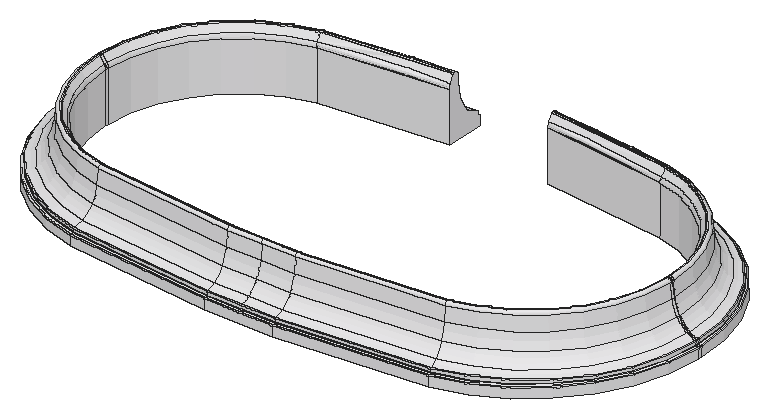
Revit family "Accessory-Bath_Base-KOHLER-Artifacts-K-20027", category Specialty Equipment, host Face, Revit 2017
Family settings
  Host = Face
  Round Connector Dimension = Use Diameter
  Part Type = Normal
  OmniClass Number = 23.31.25.00
  OmniClass Title = Toilet and Bath Specialties
  Cut with Voids When Loaded = No
  Shared = No
  Room Calculation Point = No
Parameters (values of type "0-White")
  Width = 29 7/16"  # constant formula
  WaterSense Certified = 1 = 0  # no
  URL = "https://www.us.kohler.com/us/"
  Type = 1
  Product Page URL = "http://www.us.kohler.com/us/catalog/productDetails.jsp?productId=20027"
  Product Name = "Artifacts"  # constant formula
  Product Documentation Link = "https://www.us.kohler.com/webassets/kpna/catalog/pdf/en/K-20027_spec_US-CA_Kohler_en.pdf"
  Model = if(Type = 1, "K-20027-0", if(Type = 2, "K-20027-96", if(Type = 3, "K-20027-7", if(Type = 4, "K-20027-GRL", if(Type = 5, "K-20027-DGB", if(Type = 6, "K-20027-PLM", "NA"))))))  # "K-20027-0"
  Material = "Durable Hardwood Construction"  # constant formula
  Master Format 2014 Name = "Toilet, Bath, and Laundry Accessories"  # constant formula
  Master Format 2014 = "10 28 00"  # constant formula
  Manufacturer Address = "444 Highland Dr, Kohler, WI 53044"  # constant formula
  Manufacturer = "KOHLER Co."  # constant formula
  Length = 51 1/4"  # constant formula
  Height = 5"  # constant formula
  Finish = Kohler-Wood-Molded-0-White
  Environmental Product Declaration = ""
  Description = "Bath base for freestanding bath"  # constant formula
  Default Elevation = 0"
  Declare Label = ""
  Date Modified = "02/03/2021"  # constant formula
  Date Created = "02/03/2021"  # constant formula
  Copyright = "Copyright KOHLER Co."  # constant formula
  Contact Us = "https://www.us.kohler.com/us/static/contact.jsp"
  Assembly Code = "C1030200"
  ADA Compliant = 1 = 0  # no
Types (7): name | Type | Model | Finish
  (no name) | 1 | "K-20027-0" | Kohler-Wood-Molded-0-White
  0-White | 1 | "K-20027-0" | Kohler-Wood-Molded-0-White
  96-Biscuit | 2 | "K-20027-96" | Kohler-Wood-Molded-96-Biscuit
  7-Black Black | 3 | "K-20027-7" | Kohler-Wood-Molded-7-Black_Black
  GRL-Grey Lavender | 4 | "K-20027-GRL" | KOHLER-Wood-GRL-Lavender_Grey
  DGB-Indigo Blue | 5 | "K-20027-DGB" | KOHLER-Wood-DGB-Indigo_Blue
  PLM-Black Plum | 6 | "K-20027-PLM" | KOHLER-Wood-PLM-Black_Plum
Reference planes
  plane 1 "Center (Front/Back)": y = 0
  plane 2: z = 0
  plane 3 "Center (Left/Right)": x = 0
  plane 4: x = -650.875
  plane 5: x = -101.6
  plane 6: x = 101.6
  plane 7: x = 650.875
  plane 8: y = 373.856
  plane 9: y = -373.856
  plane 10: z = 127
Dimensions and locks
  "Length": plane 4 to plane 7
  "Width": plane 9 to plane 8
  "Height": plane 10 to level
  aligned and locked: plane 2 to host face
  aligned and locked: level to host face
  aligned and locked: plane 3 "Center (Left/Right)" to nested 1
  aligned and locked: plane 1 "Center (Front/Back)" to nested 1
Automatic sketch dimensions
  host sketch curve to host sketch curve = 96"  (x2)
Nested families
  nested 1: "K-20027" at (0, 0, 0), type "K-20027"
Definition of nested family "K-20027"
  Parameters (values of type "K-20027")
    Material = none
  Reference planes
    plane 1 "Center (Front/Back)": y = 0
    plane 2: z = 0
    plane 3 "Center (Left/Right)": x = 0
    plane 4: x = -650.875
    plane 5: x = 650.875
    plane 6: y = 373.856
    plane 7: y = -373.856
    plane 8: z = 127
    plane 9: x = -101.6
    plane 10: x = 101.6
  Forms (mm)
    Sweep 1, solid, material <- "Material", detail levels medium+fine
      path origin (0, 0, 0) x (1, 0, 0) y (0, 1, 0)
        loop
          line (0, 373.856) -> (-69.85, 373.856)
          arc (-69.85, 373.856) -> (-219.929, 366.702) -> (-368.648, 345.304) r 1577.733
          arc (-368.648, 345.304) -> (-571.202, 225.095) -> (-650.875, 3.441) r 348.164
          line (-650.875, 3.441) -> (-650.875, 0) -> (-650.875, -3.441)
          arc (-650.875, -3.441) -> (-571.202, -225.095) -> (-368.648, -345.304) r 348.164
          arc (-368.648, -345.304) -> (-219.929, -366.702) -> (-69.85, -373.856) r 1577.733
          line (-69.85, -373.856) -> (0, -373.856) -> (69.85, -373.856)
          arc (69.85, -373.856) -> (219.929, -366.702) -> (368.648, -345.304) r 1577.733
          arc (368.648, -345.304) -> (571.202, -225.095) -> (650.875, -3.441) r 348.164
          line (650.875, -3.441) -> (650.875, 0) -> (650.875, 3.441)
          arc (650.875, 3.441) -> (571.202, 225.095) -> (368.648, 345.304) r 348.164
          arc (368.648, 345.304) -> (219.929, 366.702) -> (69.85, 373.856) r 1577.733
          line (69.85, 373.856) -> (0, 373.856)
      profile origin (-650.875, 0, 0) x (-1, 0, 0) y (0, 0, 1)
        loop
          line (-64.178, 127) -> (-66.498, 127)
          arc (-66.498, 127) -> (-67.426, 126.751) -> (-68.105, 126.072) r 1.855
          line (-68.105, 126.072) -> (-76.124, 112.183)
          arc (-76.124, 112.183) -> (-78.165, 107.255) -> (-78.861, 101.967) r 20.433
          line (-78.861, 101.967) -> (-78.861, 0) -> (0, 0) -> (0, 19.519)
          arc (0, 19.519) -> (-0.334, 20.579) -> (-1.216, 21.255) r 1.848
          line (-1.216, 21.255) -> (-5.492, 22.812)
          arc (-5.492, 22.812) -> (-6.137, 23.307) -> (-6.381, 24.082) r 1.351
          line (-6.381, 24.082) -> (-6.381, 29.956)
          arc (-6.381, 29.956) -> (-6.733, 30.968) -> (-7.637, 31.543) r 1.631
          arc (-7.637, 31.543) -> (-16.469, 34.439) -> (-24.687, 38.783) r 54.921
          arc (-24.687, 38.783) -> (-36.427, 48.791) -> (-45.074, 61.567) r 57.338
          arc (-45.074, 61.567) -> (-51.172, 76.612) -> (-54.954, 92.398) r 108.383
          arc (-54.954, 92.398) -> (-56.818, 106.611) -> (-57.833, 120.911) r 240.626
          arc (-57.833, 120.911) -> (-59.781, 125.231) -> (-64.178, 127) r 6.35
    Extrusion 2, void
      sketch origin (0, 0, 0) x (1, 0, 0) y (0, 1, 0)
        loop
          line (-101.6, 279.041) -> (101.6, 279.041) -> (101.6, 389.731) -> (-101.6, 389.731) -> (-101.6, 279.041)
      from -15.255 to 152.77
    Sweep 3, solid, material <- "Material", detail levels coarse
      path origin (0, 0, 0) x (1, 0, 0) y (0, 1, 0)
        loop
          arc (-101.6, 373.856) -> (-235.724, 365.193) -> (-368.648, 345.304) r 1600.095
          arc (-368.648, 345.304) -> (-571.202, 225.095) -> (-650.875, 3.441) r 348.164
          line (-650.875, 3.441) -> (-650.875, -3.441)
          arc (-650.875, -3.441) -> (-571.202, -225.095) -> (-368.648, -345.304) r 348.164
          arc (-368.648, -345.304) -> (-219.929, -366.702) -> (-69.85, -373.856) r 1577.733
          line (-69.85, -373.856) -> (69.85, -373.856)
          arc (69.85, -373.856) -> (219.929, -366.702) -> (368.648, -345.304) r 1577.733
          arc (368.648, -345.304) -> (571.202, -225.095) -> (650.875, -3.441) r 348.164
          line (650.875, -3.441) -> (650.875, 3.441)
          arc (650.875, 3.441) -> (571.202, 225.095) -> (368.648, 345.304) r 348.164
          arc (368.648, 345.304) -> (235.724, 365.193) -> (101.6, 373.856) r 1600.095
      profile origin (0, -373.856, 0) x (0, 1, 0) y (0, 0, 1)
        loop
          line (89.583, 0) -> (89.583, 127) -> (57.833, 127) -> (57.833, 69.643)
          arc (57.833, 69.643) -> (46.674, 42.702) -> (19.733, 31.543) r 38.1
          line (19.733, 31.543) -> (0, 31.543) -> (0, 0) -> (89.583, 0)
  Cuts and joins
    Extrusion 2 cuts Sweep 1
  Lines and regions (mm)
    Masking region 1
      outline origin (0, 0, 0) x (1, 0, 0) y (0, 1, 0)
        loop
          arc (-101.6, 373.856) -> (-235.724, 365.193) -> (-368.648, 345.304) r 1600.095
          arc (-368.648, 345.304) -> (-571.202, 225.095) -> (-650.875, 3.441) r 348.164
          line (-650.875, 3.441) -> (-650.875, -3.441)
          arc (-650.875, -3.441) -> (-571.202, -225.095) -> (-368.648, -345.304) r 348.164
          arc (-368.648, -345.304) -> (-219.929, -366.702) -> (-69.85, -373.856) r 1577.733
          line (-69.85, -373.856) -> (69.85, -373.856)
          arc (69.85, -373.856) -> (219.929, -366.702) -> (368.648, -345.304) r 1577.733
          arc (368.648, -345.304) -> (571.202, -225.095) -> (650.875, -3.441) r 348.164
          line (650.875, -3.441) -> (650.875, 3.441)
          arc (650.875, 3.441) -> (571.202, 225.095) -> (368.648, 345.304) r 348.164
          arc (368.648, 345.304) -> (235.724, 365.193) -> (101.6, 373.856) r 1600.095
          line (101.6, 373.856) -> (101.6, 294.659)
          arc (101.6, 294.659) -> (228.224, 286.604) -> (353.713, 267.87) r 1498.871
          arc (353.713, 267.87) -> (510.387, 174.889) -> (572.014, 3.441) r 269.303
          line (572.014, 3.441) -> (572.014, -3.441)
          arc (572.014, -3.441) -> (510.387, -174.889) -> (353.713, -267.87) r 269.303
          arc (353.713, -267.87) -> (212.428, -288.198) -> (69.85, -294.995) r 1498.871
          line (69.85, -294.995) -> (-69.85, -294.995)
          arc (-69.85, -294.995) -> (-212.428, -288.198) -> (-353.713, -267.87) r 1498.871
          arc (-353.713, -267.87) -> (-510.387, -174.889) -> (-572.014, -3.441) r 269.303
          line (-572.014, -3.441) -> (-572.014, 3.441)
          arc (-572.014, 3.441) -> (-510.387, 174.889) -> (-353.713, 267.87) r 269.303
          arc (-353.713, 267.87) -> (-228.224, 286.604) -> (-101.6, 294.659) r 1498.871
          line (-101.6, 294.659) -> (-101.6, 373.856)
    Masking region 2
      outline origin (0, 0, 0) x (1, 0, 0) y (0, 0, 1)
        loop
          arc (-586.697, 127) -> (-591.094, 125.231) -> (-593.042, 120.911) r 6.35
          arc (-593.042, 120.911) -> (-594.057, 106.611) -> (-595.921, 92.398) r 240.626
          arc (-595.921, 92.398) -> (-599.703, 76.612) -> (-605.801, 61.567) r 108.383
          arc (-605.801, 61.567) -> (-614.448, 48.791) -> (-626.188, 38.783) r 57.338
          arc (-626.188, 38.783) -> (-634.406, 34.439) -> (-643.238, 31.543) r 54.921
          arc (-643.238, 31.543) -> (-644.142, 30.968) -> (-644.494, 29.956) r 1.631
          line (-644.494, 29.956) -> (-644.494, 24.082)
          arc (-644.494, 24.082) -> (-644.738, 23.307) -> (-645.383, 22.812) r 1.351
          line (-645.383, 22.812) -> (-649.659, 21.255)
          arc (-649.659, 21.255) -> (-650.541, 20.579) -> (-650.875, 19.519) r 1.848
          line (-650.875, 19.519) -> (-650.875, 0) -> (0, 0) -> (650.875, 0) -> (650.875, 19.519)
          arc (650.875, 19.519) -> (650.541, 20.579) -> (649.659, 21.255) r 1.848
          line (649.659, 21.255) -> (645.383, 22.812)
          arc (645.383, 22.812) -> (644.738, 23.307) -> (644.494, 24.082) r 1.351
          line (644.494, 24.082) -> (644.494, 29.956)
          arc (644.494, 29.956) -> (644.142, 30.968) -> (643.238, 31.543) r 1.631
          arc (643.238, 31.543) -> (634.406, 34.439) -> (626.188, 38.783) r 54.921
          arc (626.188, 38.783) -> (614.448, 48.791) -> (605.801, 61.567) r 57.338
          arc (605.801, 61.567) -> (599.703, 76.612) -> (595.921, 92.398) r 108.383
          arc (595.921, 92.398) -> (594.057, 106.611) -> (593.042, 120.911) r 240.626
          arc (593.042, 120.911) -> (591.094, 125.231) -> (586.697, 127) r 6.35
          line (586.697, 127) -> (0, 127) -> (-586.697, 127)
    Masking region 3
      outline origin (0, 0, 0) x (0, 1, 0) y (0, 0, 1)
        loop
          arc (373.856, 19.519) -> (373.522, 20.579) -> (372.64, 21.255) r 1.848
          line (372.64, 21.255) -> (368.364, 22.812)
          arc (368.364, 22.812) -> (367.719, 23.307) -> (367.475, 24.082) r 1.351
          line (367.475, 24.082) -> (367.475, 29.956)
          arc (367.475, 29.956) -> (367.123, 30.968) -> (366.219, 31.543) r 1.631
          arc (366.219, 31.543) -> (357.387, 34.439) -> (349.17, 38.783) r 54.921
          arc (349.17, 38.783) -> (337.429, 48.791) -> (328.783, 61.567) r 57.338
          arc (328.783, 61.567) -> (322.685, 76.612) -> (318.902, 92.398) r 108.383
          arc (318.902, 92.398) -> (317.038, 106.611) -> (316.023, 120.911) r 240.626
          arc (316.023, 120.911) -> (314.076, 125.231) -> (309.679, 127) r 6.35
          line (309.679, 127) -> (-309.679, 127)
          arc (-309.679, 127) -> (-314.076, 125.231) -> (-316.023, 120.911) r 6.35
          arc (-316.023, 120.911) -> (-317.038, 106.611) -> (-318.902, 92.398) r 240.626
          arc (-318.902, 92.398) -> (-322.685, 76.612) -> (-328.783, 61.567) r 108.383
          arc (-328.783, 61.567) -> (-337.429, 48.791) -> (-349.17, 38.783) r 57.338
          arc (-349.17, 38.783) -> (-357.387, 34.439) -> (-366.219, 31.543) r 54.921
          arc (-366.219, 31.543) -> (-367.123, 30.968) -> (-367.475, 29.956) r 1.631
          line (-367.475, 29.956) -> (-367.475, 24.082)
          arc (-367.475, 24.082) -> (-367.719, 23.307) -> (-368.364, 22.812) r 1.351
          line (-368.364, 22.812) -> (-372.64, 21.255)
          arc (-372.64, 21.255) -> (-373.522, 20.579) -> (-373.856, 19.519) r 1.848
          line (-373.856, 19.519) -> (-373.856, 0) -> (373.856, 0) -> (373.856, 19.519)
    symbolic lines, detail levels medium+fine
      curve 1: arc (-367.201, 337.803, 0) -> (-565.311, 220.231, 0) -> (-643.235, 3.441, 0) r 340.524
      curve 2: line (-643.235, 3.441, 0) -> (-643.235, -3.441, 0)
      curve 3: arc (-643.235, -3.441, 0) -> (-565.311, -220.231, 0) -> (-367.201, -337.803, 0) r 340.524
      curve 4: arc (-367.201, -337.803, 0) -> (-219.203, -359.097, 0) -> (-69.85, -366.216, 0) r 1570.093
      curve 5: line (-69.85, -366.216, 0) -> (69.85, -366.216, 0)
      curve 6: arc (69.85, -366.216, 0) -> (219.203, -359.097, 0) -> (367.201, -337.803, 0) r 1570.093
      curve 7: arc (367.201, -337.803, 0) -> (565.311, -220.231, 0) -> (643.235, -3.441, 0) r 340.524
      curve 8: line (643.235, -3.441, 0) -> (643.235, 3.441, 0)
      curve 9: arc (643.235, 3.441, 0) -> (565.311, 220.231, 0) -> (367.201, 337.803, 0) r 340.524
      curve 10: arc (367.201, 337.803, 0) -> (234.997, 357.587, 0) -> (101.6, 366.214, 0) r 1592.455
      curve 11: arc (101.6, 302.3, 0) -> (228.951, 294.21, 0) -> (355.16, 275.372, 0) r 1506.511
      curve 12: arc (355.16, 275.372, 0) -> (516.279, 179.753, 0) -> (579.654, 3.441, 0) r 276.943
      curve 13: line (579.654, 3.441, 0) -> (579.654, -3.441, 0)
      curve 14: arc (579.654, -3.441, 0) -> (516.279, -179.753, 0) -> (355.16, -275.372, 0) r 276.943
      curve 15: arc (355.16, -275.372, 0) -> (213.155, -295.803, 0) -> (69.85, -302.635, 0) r 1506.511
      curve 16: line (69.85, -302.635, 0) -> (-69.85, -302.635, 0)
      curve 17: arc (-69.85, -302.635, 0) -> (-213.155, -295.803, 0) -> (-355.16, -275.372, 0) r 1506.511
      curve 18: arc (-355.16, -275.372, 0) -> (-516.279, -179.753, 0) -> (-579.654, -3.441, 0) r 276.943
      curve 19: line (-579.654, -3.441, 0) -> (-579.654, 3.441, 0)
      curve 20: arc (-579.654, 3.441, 0) -> (-516.279, 179.753, 0) -> (-355.16, 275.372, 0) r 276.943
      curve 21: arc (-355.16, 275.372, 0) -> (-228.951, 294.21, 0) -> (-101.6, 302.3, 0) r 1506.511
      curve 22: arc (-101.6, 366.214, 0) -> (-234.997, 357.587, 0) -> (-367.201, 337.803, 0) r 1592.455
      curve 23: line (-645.383, 0, 22.812) -> (645.383, 0, 22.812)
      curve 24: line (643.238, 0, 31.543) -> (-643.238, 0, 31.543)
      curve 25: line (0, -368.364, 22.812) -> (0, 368.364, 22.812)
      curve 26: line (0, 366.219, 31.543) -> (0, -366.219, 31.543)
  Dimensions and locks
    plane 4 to plane 5 = 51 1/4"
    plane 6 to plane 7 = 29 7/16"
    plane 8 to level = 5"
    aligned and locked: plane 2 to level
